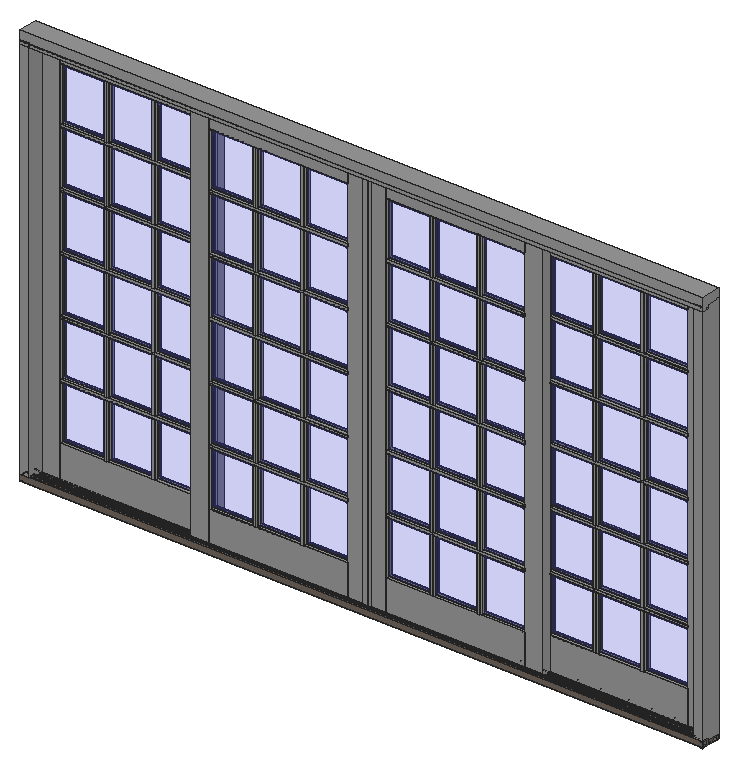
Revit family "VSDA3.6SPCO", category Doors, host Wall, Revit 2015 (continued)
Forms (mm)
  Extrusion 62, solid, material "Glass"
    sketch origin (1393.125, -64.05, -73.649) x (1, 0, 0) y (0, 0, 1)
      loop
        line (-5.292, 1438.649) -> (-238.458, 1438.649) -> (-238.458, 1154.649) -> (-5.292, 1154.649) -> (-5.292, 1438.649)
      loop
        line (-251.458, 1438.649) -> (-484.625, 1438.649) -> (-484.625, 1154.649) -> (-251.458, 1154.649) -> (-251.458, 1438.649)
      loop
        line (240.865, 1141.637) -> (7.708, 1141.637) -> (7.708, 857.649) -> (240.865, 857.649) -> (240.865, 1141.637)
      loop
        line (-5.292, 1141.649) -> (-238.458, 1141.649) -> (-238.458, 857.649) -> (-5.292, 857.649) -> (-5.292, 1141.649)
      loop
        line (-251.458, 1141.649) -> (-484.625, 1141.649) -> (-484.625, 857.649) -> (-251.458, 857.649) -> (-251.458, 1141.649)
      loop
        line (240.865, 844.637) -> (7.708, 844.637) -> (7.708, 560.649) -> (240.865, 560.649) -> (240.865, 844.637)
      loop
        line (-5.292, 844.649) -> (-238.458, 844.649) -> (-238.458, 560.649) -> (-5.292, 560.649) -> (-5.292, 844.649)
      loop
        line (-251.458, 844.649) -> (-484.625, 844.649) -> (-484.625, 560.649) -> (-251.458, 560.649) -> (-251.458, 844.649)
      loop
        line (240.865, 547.637) -> (7.708, 547.637) -> (7.708, 263.649) -> (240.865, 263.649) -> (240.865, 547.637)
      loop
        line (-5.292, 547.649) -> (-238.458, 547.649) -> (-238.458, 263.649) -> (-5.292, 263.649) -> (-5.292, 547.649)
      loop
        line (-251.458, 547.649) -> (-484.625, 547.649) -> (-484.625, 263.649) -> (-251.458, 263.649) -> (-251.458, 547.649)
    from -112.5 to -106.1
  Extrusion 63, solid, material "Lauan, Meranti"
    sketch origin (865, 0, 0) x (1, 0, 0) y (0, 1, 0)
      loop
        line (522.833, 31) -> (535.833, 31) -> (535.833, 33)
        arc (535.833, 33) -> (540.504, 34.634) -> (542.833, 39) r 6.807
        line (542.833, 39) -> (544.833, 39) -> (544.833, 41) -> (535.833, 41) -> (535.833, 71) -> (522.833, 71) -> (522.833, 41) -> (513.833, 41) -> (513.833, 39) -> (515.833, 39)
        arc (515.833, 39) -> (518.163, 34.634) -> (522.833, 33) r 6.807
        line (522.833, 33) -> (522.833, 31)
      loop
        line (289.667, 31) -> (289.667, 33)
        arc (289.667, 33) -> (294.337, 34.634) -> (296.667, 39) r 6.807
        line (296.667, 39) -> (298.667, 39) -> (298.667, 41) -> (289.667, 41) -> (289.667, 71) -> (276.667, 71) -> (276.667, 41) -> (267.667, 41) -> (267.667, 39) -> (269.667, 39)
        arc (269.667, 39) -> (271.996, 34.634) -> (276.667, 33) r 6.807
        line (276.667, 33) -> (276.667, 31) -> (289.667, 31)
    from 1675 to 1959
  Extrusion 64, solid, material "Lauan, Meranti"
    sketch origin (865, 0, -297) x (1, 0, 0) y (0, 1, 0)
      loop
        line (522.833, 31) -> (535.833, 31) -> (535.833, 33)
        arc (535.833, 33) -> (540.504, 34.634) -> (542.833, 39) r 6.807
        line (542.833, 39) -> (544.833, 39) -> (544.833, 41) -> (535.833, 41) -> (535.833, 71) -> (522.833, 71) -> (522.833, 41) -> (513.833, 41) -> (513.833, 39) -> (515.833, 39)
        arc (515.833, 39) -> (518.163, 34.634) -> (522.833, 33) r 6.807
        line (522.833, 33) -> (522.833, 31)
      loop
        line (289.667, 31) -> (289.667, 33)
        arc (289.667, 33) -> (294.337, 34.634) -> (296.667, 39) r 6.807
        line (296.667, 39) -> (298.667, 39) -> (298.667, 41) -> (289.667, 41) -> (289.667, 71) -> (276.667, 71) -> (276.667, 41) -> (267.667, 41) -> (267.667, 39) -> (269.667, 39)
        arc (269.667, 39) -> (271.996, 34.634) -> (276.667, 33) r 6.807
        line (276.667, 33) -> (276.667, 31) -> (289.667, 31)
    from 1675 to 1959
  Extrusion 65, solid, material "Lauan, Meranti"
    sketch origin (865, 0, -594) x (1, 0, 0) y (0, 1, 0)
      loop
        line (522.833, 31) -> (535.833, 31) -> (535.833, 33)
        arc (535.833, 33) -> (540.504, 34.634) -> (542.833, 39) r 6.807
        line (542.833, 39) -> (544.833, 39) -> (544.833, 41) -> (535.833, 41) -> (535.833, 71) -> (522.833, 71) -> (522.833, 41) -> (513.833, 41) -> (513.833, 39) -> (515.833, 39)
        arc (515.833, 39) -> (518.163, 34.634) -> (522.833, 33) r 6.807
        line (522.833, 33) -> (522.833, 31)
      loop
        line (289.667, 31) -> (289.667, 33)
        arc (289.667, 33) -> (294.337, 34.634) -> (296.667, 39) r 6.807
        line (296.667, 39) -> (298.667, 39) -> (298.667, 41) -> (289.667, 41) -> (289.667, 71) -> (276.667, 71) -> (276.667, 41) -> (267.667, 41) -> (267.667, 39) -> (269.667, 39)
        arc (269.667, 39) -> (271.996, 34.634) -> (276.667, 33) r 6.807
        line (276.667, 33) -> (276.667, 31) -> (289.667, 31)
    from 1675 to 1959
  Extrusion 66, solid, material "Lauan, Meranti"
    sketch origin (865, 0, -891) x (1, 0, 0) y (0, 1, 0)
      loop
        line (522.833, 31) -> (535.833, 31) -> (535.833, 33)
        arc (535.833, 33) -> (540.504, 34.634) -> (542.833, 39) r 6.807
        line (542.833, 39) -> (544.833, 39) -> (544.833, 41) -> (535.833, 41) -> (535.833, 71) -> (522.833, 71) -> (522.833, 41) -> (513.833, 41) -> (513.833, 39) -> (515.833, 39)
        arc (515.833, 39) -> (518.163, 34.634) -> (522.833, 33) r 6.807
        line (522.833, 33) -> (522.833, 31)
      loop
        line (289.667, 31) -> (289.667, 33)
        arc (289.667, 33) -> (294.337, 34.634) -> (296.667, 39) r 6.807
        line (296.667, 39) -> (298.667, 39) -> (298.667, 41) -> (289.667, 41) -> (289.667, 71) -> (276.667, 71) -> (276.667, 41) -> (267.667, 41) -> (267.667, 39) -> (269.667, 39)
        arc (269.667, 39) -> (271.996, 34.634) -> (276.667, 33) r 6.807
        line (276.667, 33) -> (276.667, 31) -> (289.667, 31)
    from 1675 to 1959
  Extrusion 67, solid, material "Lauan, Meranti"
    sketch origin (865, 0, -1188) x (1, 0, 0) y (0, 1, 0)
      loop
        line (522.833, 31) -> (535.833, 31) -> (535.833, 33)
        arc (535.833, 33) -> (540.504, 34.634) -> (542.833, 39) r 6.807
        line (542.833, 39) -> (544.833, 39) -> (544.833, 41) -> (535.833, 41) -> (535.833, 71) -> (522.833, 71) -> (522.833, 41) -> (513.833, 41) -> (513.833, 39) -> (515.833, 39)
        arc (515.833, 39) -> (518.163, 34.634) -> (522.833, 33) r 6.807
        line (522.833, 33) -> (522.833, 31)
      loop
        line (289.667, 31) -> (289.667, 33)
        arc (289.667, 33) -> (294.337, 34.634) -> (296.667, 39) r 6.807
        line (296.667, 39) -> (298.667, 39) -> (298.667, 41) -> (289.667, 41) -> (289.667, 71) -> (276.667, 71) -> (276.667, 41) -> (267.667, 41) -> (267.667, 39) -> (269.667, 39)
        arc (269.667, 39) -> (271.996, 34.634) -> (276.667, 33) r 6.807
        line (276.667, 33) -> (276.667, 31) -> (289.667, 31)
    from 1675 to 1959
  Extrusion 68, solid, material "Lauan, Meranti"
    sketch origin (865, 0, -1485) x (1, 0, 0) y (0, 1, 0)
      loop
        line (522.833, 31) -> (535.833, 31) -> (535.833, 33)
        arc (535.833, 33) -> (540.504, 34.634) -> (542.833, 39) r 6.807
        line (542.833, 39) -> (544.833, 39) -> (544.833, 41) -> (535.833, 41) -> (535.833, 71) -> (522.833, 71) -> (522.833, 41) -> (513.833, 41) -> (513.833, 39) -> (515.833, 39)
        arc (515.833, 39) -> (518.163, 34.634) -> (522.833, 33) r 6.807
        line (522.833, 33) -> (522.833, 31)
      loop
        line (289.667, 31) -> (289.667, 33)
        arc (289.667, 33) -> (294.337, 34.634) -> (296.667, 39) r 6.807
        line (296.667, 39) -> (298.667, 39) -> (298.667, 41) -> (289.667, 41) -> (289.667, 71) -> (276.667, 71) -> (276.667, 41) -> (267.667, 41) -> (267.667, 39) -> (269.667, 39)
        arc (269.667, 39) -> (271.996, 34.634) -> (276.667, 33) r 6.807
        line (276.667, 33) -> (276.667, 31) -> (289.667, 31)
    from 1675 to 1959
  Sweep 69, solid, material "Lauan, Meranti"
    path origin (874.439, -75, -781.763) x (1, 0, 0) y (0, 0, 1)
      loop
        line (280.228, 2740.763) -> (280.228, 2456.763) -> (513.395, 2456.763) -> (513.395, 2740.763) -> (280.228, 2740.763)
    profile origin (1271.25, -75, 1959) x (0, 0, 1) y (0, -1, 0)
      loop
        line (-9, -124.5) -> (-9, -126.5) -> (-7, -126.5)
        arc (-7, -126.5) -> (-4.67, -130.866) -> (0, -132.5) r 6.807
        line (0, -132.5) -> (0, -124.5) -> (-9, -124.5)
  Sweep 70, solid, material "Lauan, Meranti"
    path origin (628.272, -75, -781.763) x (1, 0, 0) y (0, 0, 1)
      loop
        line (280.228, 2740.763) -> (280.228, 2456.763) -> (513.395, 2456.763) -> (513.395, 2740.763) -> (280.228, 2740.763)
    profile origin (1025.083, -75, 1959) x (0, 0, 1) y (0, -1, 0)
      loop
        line (-9, -124.5) -> (-9, -126.5) -> (-7, -126.5)
        arc (-7, -126.5) -> (-4.67, -130.866) -> (0, -132.5) r 6.807
        line (0, -132.5) -> (0, -124.5) -> (-9, -124.5)
  Sweep 71, solid, material "Lauan, Meranti"
    path origin (1120.605, -75, -1078.763) x (1, 0, 0) y (0, 0, 1)
      loop
        line (280.228, 2740.763) -> (280.228, 2456.763) -> (513.395, 2456.763) -> (513.395, 2740.763) -> (280.228, 2740.763)
    profile origin (1517.417, -75, 1662) x (0, 0, 1) y (0, -1, 0)
      loop
        line (-9, -124.5) -> (-9, -126.5) -> (-7, -126.5)
        arc (-7, -126.5) -> (-4.67, -130.866) -> (0, -132.5) r 6.807
        line (0, -132.5) -> (0, -124.5) -> (-9, -124.5)
  Sweep 72, solid, material "Lauan, Meranti"
    path origin (874.439, -75, -1078.763) x (1, 0, 0) y (0, 0, 1)
      loop
        line (280.228, 2740.763) -> (280.228, 2456.763) -> (513.395, 2456.763) -> (513.395, 2740.763) -> (280.228, 2740.763)
    profile origin (1271.25, -75, 1662) x (0, 0, 1) y (0, -1, 0)
      loop
        line (-9, -124.5) -> (-9, -126.5) -> (-7, -126.5)
        arc (-7, -126.5) -> (-4.67, -130.866) -> (0, -132.5) r 6.807
        line (0, -132.5) -> (0, -124.5) -> (-9, -124.5)
  Sweep 73, solid, material "Lauan, Meranti"
    path origin (628.272, -75, -1078.763) x (1, 0, 0) y (0, 0, 1)
      loop
        line (280.228, 2740.763) -> (280.228, 2456.763) -> (513.395, 2456.763) -> (513.395, 2740.763) -> (280.228, 2740.763)
    profile origin (1025.083, -75, 1662) x (0, 0, 1) y (0, -1, 0)
      loop
        line (-9, -124.5) -> (-9, -126.5) -> (-7, -126.5)
        arc (-7, -126.5) -> (-4.67, -130.866) -> (0, -132.5) r 6.807
        line (0, -132.5) -> (0, -124.5) -> (-9, -124.5)
  Sweep 74, solid, material "Lauan, Meranti"
    path origin (1120.605, -75, -1375.763) x (1, 0, 0) y (0, 0, 1)
      loop
        line (280.228, 2740.763) -> (280.228, 2456.763) -> (513.395, 2456.763) -> (513.395, 2740.763) -> (280.228, 2740.763)
    profile origin (1517.417, -75, 1365) x (0, 0, 1) y (0, -1, 0)
      loop
        line (-9, -124.5) -> (-9, -126.5) -> (-7, -126.5)
        arc (-7, -126.5) -> (-4.67, -130.866) -> (0, -132.5) r 6.807
        line (0, -132.5) -> (0, -124.5) -> (-9, -124.5)
  Sweep 75, solid, material "Lauan, Meranti"
    path origin (874.439, -75, -1375.763) x (1, 0, 0) y (0, 0, 1)
      loop
        line (280.228, 2740.763) -> (280.228, 2456.763) -> (513.395, 2456.763) -> (513.395, 2740.763) -> (280.228, 2740.763)
    profile origin (1271.25, -75, 1365) x (0, 0, 1) y (0, -1, 0)
      loop
        line (-9, -124.5) -> (-9, -126.5) -> (-7, -126.5)
        arc (-7, -126.5) -> (-4.67, -130.866) -> (0, -132.5) r 6.807
        line (0, -132.5) -> (0, -124.5) -> (-9, -124.5)
  Sweep 76, solid, material "Lauan, Meranti"
    path origin (628.272, -75, -1375.763) x (1, 0, 0) y (0, 0, 1)
      loop
        line (280.228, 2740.763) -> (280.228, 2456.763) -> (513.395, 2456.763) -> (513.395, 2740.763) -> (280.228, 2740.763)
    profile origin (1025.083, -75, 1365) x (0, 0, 1) y (0, -1, 0)
      loop
        line (-9, -124.5) -> (-9, -126.5) -> (-7, -126.5)
        arc (-7, -126.5) -> (-4.67, -130.866) -> (0, -132.5) r 6.807
        line (0, -132.5) -> (0, -124.5) -> (-9, -124.5)
  Sweep 77, solid, material "Lauan, Meranti"
    path origin (1120.605, -75, -1672.763) x (1, 0, 0) y (0, 0, 1)
      loop
        line (280.228, 2740.763) -> (280.228, 2456.763) -> (513.395, 2456.763) -> (513.395, 2740.763) -> (280.228, 2740.763)
    profile origin (1517.417, -75, 1068) x (0, 0, 1) y (0, -1, 0)
      loop
        line (-9, -124.5) -> (-9, -126.5) -> (-7, -126.5)
        arc (-7, -126.5) -> (-4.67, -130.866) -> (0, -132.5) r 6.807
        line (0, -132.5) -> (0, -124.5) -> (-9, -124.5)
  Sweep 78, solid, material "Lauan, Meranti"
    path origin (874.439, -75, -1672.763) x (1, 0, 0) y (0, 0, 1)
      loop
        line (280.228, 2740.763) -> (280.228, 2456.763) -> (513.395, 2456.763) -> (513.395, 2740.763) -> (280.228, 2740.763)
    profile origin (1271.25, -75, 1068) x (0, 0, 1) y (0, -1, 0)
      loop
        line (-9, -124.5) -> (-9, -126.5) -> (-7, -126.5)
        arc (-7, -126.5) -> (-4.67, -130.866) -> (0, -132.5) r 6.807
        line (0, -132.5) -> (0, -124.5) -> (-9, -124.5)
  Sweep 79, solid, material "Lauan, Meranti"
    path origin (628.272, -75, -1672.763) x (1, 0, 0) y (0, 0, 1)
      loop
        line (280.228, 2740.763) -> (280.228, 2456.763) -> (513.395, 2456.763) -> (513.395, 2740.763) -> (280.228, 2740.763)
    profile origin (1025.083, -75, 1068) x (0, 0, 1) y (0, -1, 0)
      loop
        line (-9, -124.5) -> (-9, -126.5) -> (-7, -126.5)
        arc (-7, -126.5) -> (-4.67, -130.866) -> (0, -132.5) r 6.807
        line (0, -132.5) -> (0, -124.5) -> (-9, -124.5)
  Sweep 80, solid, material "Lauan, Meranti"
    path origin (1120.605, -75, -1969.763) x (1, 0, 0) y (0, 0, 1)
      loop
        line (280.228, 2740.763) -> (280.228, 2456.763) -> (513.395, 2456.763) -> (513.395, 2740.763) -> (280.228, 2740.763)
    profile origin (1517.417, -75, 771) x (0, 0, 1) y (0, -1, 0)
      loop
        line (-9, -124.5) -> (-9, -126.5) -> (-7, -126.5)
        arc (-7, -126.5) -> (-4.67, -130.866) -> (0, -132.5) r 6.807
        line (0, -132.5) -> (0, -124.5) -> (-9, -124.5)
  Sweep 81, solid, material "Lauan, Meranti"
    path origin (874.439, -75, -1969.763) x (1, 0, 0) y (0, 0, 1)
      loop
        line (280.228, 2740.763) -> (280.228, 2456.763) -> (513.395, 2456.763) -> (513.395, 2740.763) -> (280.228, 2740.763)
    profile origin (1271.25, -75, 771) x (0, 0, 1) y (0, -1, 0)
      loop
        line (-9, -124.5) -> (-9, -126.5) -> (-7, -126.5)
        arc (-7, -126.5) -> (-4.67, -130.866) -> (0, -132.5) r 6.807
        line (0, -132.5) -> (0, -124.5) -> (-9, -124.5)
  Sweep 82, solid, material "Lauan, Meranti"
    path origin (628.272, -75, -1969.763) x (1, 0, 0) y (0, 0, 1)
      loop
        line (280.228, 2740.763) -> (280.228, 2456.763) -> (513.395, 2456.763) -> (513.395, 2740.763) -> (280.228, 2740.763)
    profile origin (1025.083, -75, 771) x (0, 0, 1) y (0, -1, 0)
      loop
        line (-9, -124.5) -> (-9, -126.5) -> (-7, -126.5)
        arc (-7, -126.5) -> (-4.67, -130.866) -> (0, -132.5) r 6.807
        line (0, -132.5) -> (0, -124.5) -> (-9, -124.5)
  Sweep 83, solid, material "Lauan, Meranti"
    path origin (1120.605, -75, -2266.763) x (1, 0, 0) y (0, 0, 1)
      loop
        line (280.228, 2740.763) -> (280.228, 2456.763) -> (513.395, 2456.763) -> (513.395, 2740.763) -> (280.228, 2740.763)
    profile origin (1517.417, -75, 474) x (0, 0, 1) y (0, -1, 0)
      loop
        line (-9, -124.5) -> (-9, -126.5) -> (-7, -126.5)
        arc (-7, -126.5) -> (-4.67, -130.866) -> (0, -132.5) r 6.807
        line (0, -132.5) -> (0, -124.5) -> (-9, -124.5)
  Sweep 84, solid, material "Lauan, Meranti"
    path origin (874.439, -75, -2266.763) x (1, 0, 0) y (0, 0, 1)
      loop
        line (280.228, 2740.763) -> (280.228, 2456.763) -> (513.395, 2456.763) -> (513.395, 2740.763) -> (280.228, 2740.763)
    profile origin (1271.25, -75, 474) x (0, 0, 1) y (0, -1, 0)
      loop
        line (-9, -124.5) -> (-9, -126.5) -> (-7, -126.5)
        arc (-7, -126.5) -> (-4.67, -130.866) -> (0, -132.5) r 6.807
        line (0, -132.5) -> (0, -124.5) -> (-9, -124.5)
  Sweep 85, solid, material "Lauan, Meranti"
    path origin (628.272, -75, -2266.763) x (1, 0, 0) y (0, 0, 1)
      loop
        line (280.228, 2740.763) -> (280.228, 2456.763) -> (513.395, 2456.763) -> (513.395, 2740.763) -> (280.228, 2740.763)
    profile origin (1025.083, -75, 474) x (0, 0, 1) y (0, -1, 0)
      loop
        line (-9, -124.5) -> (-9, -126.5) -> (-7, -126.5)
        arc (-7, -126.5) -> (-4.67, -130.866) -> (0, -132.5) r 6.807
        line (0, -132.5) -> (0, -124.5) -> (-9, -124.5)
  Extrusion 86, solid, material "Lauan, Meranti"
    sketch origin (867, 0, 0) x (0, 1, 0) y (0, 0, 1)
      loop
        line (-15.5, 190) -> (-15.5, 19) -> (24.5, 19) -> (24.5, 190) -> (-5.5, 190) -> (-5.5, 199) -> (-7.5, 199) -> (-7.5, 197)
        arc (-7.5, 197) -> (-11.866, 194.67) -> (-13.5, 190) r 6.807
        line (-13.5, 190) -> (-15.5, 190)
      loop
        line (-7.5, 1952) -> (-7.5, 1950) -> (-5.5, 1950) -> (-5.5, 1959) -> (24.5, 1959) -> (24.5, 2055) -> (-15.5, 2055) -> (-15.5, 1959) -> (-13.5, 1959)
        arc (-13.5, 1959) -> (-11.866, 1954.33) -> (-7.5, 1952) r 6.807
      loop
        line (-15.5, 1675) -> (-15.5, 1662) -> (-13.5, 1662)
        arc (-13.5, 1662) -> (-11.866, 1657.33) -> (-7.5, 1655) r 6.807
        line (-7.5, 1655) -> (-7.5, 1653) -> (-5.5, 1653) -> (-5.5, 1662) -> (24.5, 1662) -> (24.5, 1675) -> (-5.5, 1675) -> (-5.5, 1684) -> (-7.5, 1684) -> (-7.5, 1682)
        arc (-7.5, 1682) -> (-11.866, 1679.67) -> (-13.5, 1675) r 6.807
        line (-13.5, 1675) -> (-15.5, 1675)
      loop
        line (-15.5, 1378) -> (-15.5, 1365) -> (-13.5, 1365)
        arc (-13.5, 1365) -> (-11.866, 1360.33) -> (-7.5, 1358) r 6.807
        line (-7.5, 1358) -> (-7.5, 1356) -> (-5.5, 1356) -> (-5.5, 1365) -> (24.5, 1365) -> (24.5, 1378) -> (-5.5, 1378) -> (-5.5, 1387) -> (-7.5, 1387) -> (-7.5, 1385)
        arc (-7.5, 1385) -> (-11.866, 1382.67) -> (-13.5, 1378) r 6.807
        line (-13.5, 1378) -> (-15.5, 1378)
      loop
        line (-15.5, 1081) -> (-15.5, 1068) -> (-13.5, 1068)
        arc (-13.5, 1068) -> (-11.866, 1063.33) -> (-7.5, 1061) r 6.807
        line (-7.5, 1061) -> (-7.5, 1059) -> (-5.5, 1059) -> (-5.5, 1068) -> (24.5, 1068) -> (24.5, 1081) -> (-5.5, 1081) -> (-5.5, 1090) -> (-7.5, 1090) -> (-7.5, 1088)
        arc (-7.5, 1088) -> (-11.866, 1085.67) -> (-13.5, 1081) r 6.807
        line (-13.5, 1081) -> (-15.5, 1081)
      loop
        line (-15.5, 784) -> (-15.5, 771) -> (-13.5, 771)
        arc (-13.5, 771) -> (-11.866, 766.33) -> (-7.5, 764) r 6.807
        line (-7.5, 764) -> (-7.5, 762) -> (-5.5, 762) -> (-5.5, 771) -> (24.5, 771) -> (24.5, 784) -> (-5.5, 784) -> (-5.5, 793) -> (-7.5, 793) -> (-7.5, 791)
        arc (-7.5, 791) -> (-11.866, 788.67) -> (-13.5, 784) r 6.807
        line (-13.5, 784) -> (-15.5, 784)
      loop
        line (-15.5, 487) -> (-15.5, 474) -> (-13.5, 474)
        arc (-13.5, 474) -> (-11.866, 469.33) -> (-7.5, 467) r 6.807
        line (-7.5, 467) -> (-7.5, 465) -> (-5.5, 465) -> (-5.5, 474) -> (24.5, 474) -> (24.5, 487) -> (-5.5, 487) -> (-5.5, 496) -> (-7.5, 496) -> (-7.5, 494)
        arc (-7.5, 494) -> (-11.866, 491.67) -> (-13.5, 487) r 6.807
        line (-13.5, 487) -> (-15.5, 487)
    from -769 to -45.5
  Extrusion 87, solid, material "Glass"
    sketch origin (582.625, -110.55, -73.649) x (1, 0, 0) y (0, 0, 1)
      loop
        line (-484.625, 2032.649) -> (-484.625, 1748.649) -> (-252.125, 1748.649) -> (-252.125, 2032.649) -> (-484.625, 2032.649)
      loop
        line (-484.625, 1735.649) -> (-484.625, 1451.649) -> (-252.125, 1451.649) -> (-252.125, 1735.649) -> (-484.625, 1735.649)
      loop
        line (-484.625, 1438.649) -> (-484.625, 1154.649) -> (-252.125, 1154.649) -> (-252.125, 1438.649) -> (-484.625, 1438.649)
      loop
        line (-484.625, 1141.649) -> (-484.625, 857.649) -> (-252.125, 857.649) -> (-252.125, 1141.649) -> (-484.625, 1141.649)
      loop
        line (-484.625, 844.649) -> (-484.625, 560.649) -> (-252.125, 560.649) -> (-252.125, 844.649) -> (-484.625, 844.649)
      loop
        line (-484.625, 547.649) -> (-484.625, 263.66) -> (-252.135, 263.66) -> (-252.135, 547.649) -> (-484.625, 547.649)
      loop
        line (-239.125, 2032.649) -> (-239.125, 1748.649) -> (-6.625, 1748.649) -> (-6.625, 2032.649) -> (-239.125, 2032.649)
      loop
        line (-239.125, 1735.649) -> (-239.125, 1451.649) -> (-6.625, 1451.649) -> (-6.625, 1735.649) -> (-239.125, 1735.649)
      loop
        line (-239.125, 1438.649) -> (-239.125, 1154.649) -> (-6.625, 1154.649) -> (-6.625, 1438.649) -> (-239.125, 1438.649)
      loop
        line (-239.125, 1141.649) -> (-239.125, 857.649) -> (-6.625, 857.649) -> (-6.625, 1141.649) -> (-239.125, 1141.649)
      loop
        line (-239.125, 844.649) -> (-239.125, 560.649) -> (-6.625, 560.649) -> (-6.625, 844.649) -> (-239.125, 844.649)
      loop
        line (-239.125, 547.649) -> (-239.125, 263.66) -> (-6.635, 263.66) -> (-6.635, 547.649) -> (-239.125, 547.649)
      loop
        line (6.375, 2032.649) -> (6.375, 1748.649) -> (238.875, 1748.649) -> (238.875, 2032.649) -> (6.375, 2032.649)
      loop
        line (6.375, 1735.649) -> (6.375, 1451.649) -> (238.875, 1451.649) -> (238.875, 1735.649) -> (6.375, 1735.649)
      loop
        line (6.375, 1438.649) -> (6.375, 1154.649) -> (238.875, 1154.649) -> (238.875, 1438.649) -> (6.375, 1438.649)
      loop
        line (6.375, 1141.649) -> (6.375, 857.649) -> (238.875, 857.649) -> (238.875, 1141.649) -> (6.375, 1141.649)
      loop
        line (6.375, 844.649) -> (6.375, 560.649) -> (238.875, 560.649) -> (238.875, 844.649) -> (6.375, 844.649)
      loop
        line (6.375, 547.649) -> (6.375, 263.66) -> (238.865, 263.66) -> (238.865, 547.649) -> (6.375, 547.649)
    from -112.5 to -106.1
  Extrusion 88, solid, material "Lauan, Meranti"
    sketch origin (54.5, -46.5, 0) x (1, 0, 0) y (0, 1, 0)
      loop
        line (289, 31) -> (289, 33)
        arc (289, 33) -> (293.67, 34.634) -> (296, 39) r 6.807
        line (296, 39) -> (298, 39) -> (298, 41) -> (289, 41) -> (289, 71) -> (276, 71) -> (276, 41) -> (267, 41) -> (267, 39) -> (269, 39)
        arc (269, 39) -> (271.33, 34.634) -> (276, 33) r 6.807
        line (276, 33) -> (276, 31) -> (289, 31)
      loop
        line (534.5, 31) -> (534.5, 33)
        arc (534.5, 33) -> (539.17, 34.634) -> (541.5, 39) r 6.807
        line (541.5, 39) -> (543.5, 39) -> (543.5, 41) -> (534.5, 41) -> (534.5, 71) -> (521.5, 71) -> (521.5, 41) -> (512.5, 41) -> (512.5, 39) -> (514.5, 39)
        arc (514.5, 39) -> (516.83, 34.634) -> (521.5, 33) r 6.807
        line (521.5, 33) -> (521.5, 31) -> (534.5, 31)
    from 1675 to 1959
  Sweep 89, solid, material "Lauan, Meranti"
    path origin (-182.228, -121.5, -781.763) x (1, 0, 0) y (0, 0, 1)
      loop
        line (280.228, 2740.763) -> (280.228, 2456.763) -> (512.728, 2456.763) -> (512.728, 2740.763) -> (280.228, 2740.763)
    profile origin (214.25, -121.5, 1959) x (0, 0, 1) y (0, -1, 0)
      loop
        line (-9, -124.5) -> (-9, -126.5) -> (-7, -126.5)
        arc (-7, -126.5) -> (-4.67, -130.866) -> (0, -132.5) r 6.807
        line (0, -132.5) -> (0, -124.5) -> (-9, -124.5)
  Sweep 90, solid, material "Lauan, Meranti"
    path origin (63.272, -121.5, -781.763) x (1, 0, 0) y (0, 0, 1)
      loop
        line (280.228, 2740.763) -> (280.228, 2456.763) -> (512.728, 2456.763) -> (512.728, 2740.763) -> (280.228, 2740.763)
    profile origin (459.75, -121.5, 1959) x (0, 0, 1) y (0, -1, 0)
      loop
        line (-9, -124.5) -> (-9, -126.5) -> (-7, -126.5)
        arc (-7, -126.5) -> (-4.67, -130.866) -> (0, -132.5) r 6.807
        line (0, -132.5) -> (0, -124.5) -> (-9, -124.5)
  Sweep 91, solid, material "Lauan, Meranti"
    path origin (308.772, -121.5, -781.763) x (1, 0, 0) y (0, 0, 1)
      loop
        line (280.228, 2740.763) -> (280.228, 2456.763) -> (512.728, 2456.763) -> (512.728, 2740.763) -> (280.228, 2740.763)
    profile origin (705.25, -121.5, 1959) x (0, 0, 1) y (0, -1, 0)
      loop
        line (-9, -124.5) -> (-9, -126.5) -> (-7, -126.5)
        arc (-7, -126.5) -> (-4.67, -130.866) -> (0, -132.5) r 6.807
        line (0, -132.5) -> (0, -124.5) -> (-9, -124.5)
  Extrusion 92, solid, material "Lauan, Meranti"
    sketch origin (54.5, -46.5, -297) x (1, 0, 0) y (0, 1, 0)
      loop
        line (289, 31) -> (289, 33)
        arc (289, 33) -> (293.67, 34.634) -> (296, 39) r 6.807
        line (296, 39) -> (298, 39) -> (298, 41) -> (289, 41) -> (289, 71) -> (276, 71) -> (276, 41) -> (267, 41) -> (267, 39) -> (269, 39)
        arc (269, 39) -> (271.33, 34.634) -> (276, 33) r 6.807
        line (276, 33) -> (276, 31) -> (289, 31)
      loop
        line (534.5, 31) -> (534.5, 33)
        arc (534.5, 33) -> (539.17, 34.634) -> (541.5, 39) r 6.807
        line (541.5, 39) -> (543.5, 39) -> (543.5, 41) -> (534.5, 41) -> (534.5, 71) -> (521.5, 71) -> (521.5, 41) -> (512.5, 41) -> (512.5, 39) -> (514.5, 39)
        arc (514.5, 39) -> (516.83, 34.634) -> (521.5, 33) r 6.807
        line (521.5, 33) -> (521.5, 31) -> (534.5, 31)
    from 1675 to 1959
  Sweep 93, solid, material "Lauan, Meranti"
    path origin (-182.228, -121.5, -1078.763) x (1, 0, 0) y (0, 0, 1)
      loop
        line (280.228, 2740.763) -> (280.228, 2456.763) -> (512.728, 2456.763) -> (512.728, 2740.763) -> (280.228, 2740.763)
    profile origin (214.25, -121.5, 1662) x (0, 0, 1) y (0, -1, 0)
      loop
        line (-9, -124.5) -> (-9, -126.5) -> (-7, -126.5)
        arc (-7, -126.5) -> (-4.67, -130.866) -> (0, -132.5) r 6.807
        line (0, -132.5) -> (0, -124.5) -> (-9, -124.5)
  Sweep 94, solid, material "Lauan, Meranti"
    path origin (63.272, -121.5, -1078.763) x (1, 0, 0) y (0, 0, 1)
      loop
        line (280.228, 2740.763) -> (280.228, 2456.763) -> (512.728, 2456.763) -> (512.728, 2740.763) -> (280.228, 2740.763)
    profile origin (459.75, -121.5, 1662) x (0, 0, 1) y (0, -1, 0)
      loop
        line (-9, -124.5) -> (-9, -126.5) -> (-7, -126.5)
        arc (-7, -126.5) -> (-4.67, -130.866) -> (0, -132.5) r 6.807
        line (0, -132.5) -> (0, -124.5) -> (-9, -124.5)
  Sweep 95, solid, material "Lauan, Meranti"
    path origin (308.772, -121.5, -1078.763) x (1, 0, 0) y (0, 0, 1)
      loop
        line (280.228, 2740.763) -> (280.228, 2456.763) -> (512.728, 2456.763) -> (512.728, 2740.763) -> (280.228, 2740.763)
    profile origin (705.25, -121.5, 1662) x (0, 0, 1) y (0, -1, 0)
      loop
        line (-9, -124.5) -> (-9, -126.5) -> (-7, -126.5)
        arc (-7, -126.5) -> (-4.67, -130.866) -> (0, -132.5) r 6.807
        line (0, -132.5) -> (0, -124.5) -> (-9, -124.5)
  Extrusion 96, solid, material "Lauan, Meranti"
    sketch origin (54.5, -46.5, -594) x (1, 0, 0) y (0, 1, 0)
      loop
        line (289, 31) -> (289, 33)
        arc (289, 33) -> (293.67, 34.634) -> (296, 39) r 6.807
        line (296, 39) -> (298, 39) -> (298, 41) -> (289, 41) -> (289, 71) -> (276, 71) -> (276, 41) -> (267, 41) -> (267, 39) -> (269, 39)
        arc (269, 39) -> (271.33, 34.634) -> (276, 33) r 6.807
        line (276, 33) -> (276, 31) -> (289, 31)
      loop
        line (534.5, 31) -> (534.5, 33)
        arc (534.5, 33) -> (539.17, 34.634) -> (541.5, 39) r 6.807
        line (541.5, 39) -> (543.5, 39) -> (543.5, 41) -> (534.5, 41) -> (534.5, 71) -> (521.5, 71) -> (521.5, 41) -> (512.5, 41) -> (512.5, 39) -> (514.5, 39)
        arc (514.5, 39) -> (516.83, 34.634) -> (521.5, 33) r 6.807
        line (521.5, 33) -> (521.5, 31) -> (534.5, 31)
    from 1675 to 1959
  Sweep 97, solid, material "Lauan, Meranti"
    path origin (-182.228, -121.5, -1375.763) x (1, 0, 0) y (0, 0, 1)
      loop
        line (280.228, 2740.763) -> (280.228, 2456.763) -> (512.728, 2456.763) -> (512.728, 2740.763) -> (280.228, 2740.763)
    profile origin (214.25, -121.5, 1365) x (0, 0, 1) y (0, -1, 0)
      loop
        line (-9, -124.5) -> (-9, -126.5) -> (-7, -126.5)
        arc (-7, -126.5) -> (-4.67, -130.866) -> (0, -132.5) r 6.807
        line (0, -132.5) -> (0, -124.5) -> (-9, -124.5)
  Sweep 98, solid, material "Lauan, Meranti"
    path origin (63.272, -121.5, -1375.763) x (1, 0, 0) y (0, 0, 1)
      loop
        line (280.228, 2740.763) -> (280.228, 2456.763) -> (512.728, 2456.763) -> (512.728, 2740.763) -> (280.228, 2740.763)
    profile origin (459.75, -121.5, 1365) x (0, 0, 1) y (0, -1, 0)
      loop
        line (-9, -124.5) -> (-9, -126.5) -> (-7, -126.5)
        arc (-7, -126.5) -> (-4.67, -130.866) -> (0, -132.5) r 6.807
        line (0, -132.5) -> (0, -124.5) -> (-9, -124.5)
  Sweep 99, solid, material "Lauan, Meranti"
    path origin (308.772, -121.5, -1375.763) x (1, 0, 0) y (0, 0, 1)
      loop
        line (280.228, 2740.763) -> (280.228, 2456.763) -> (512.728, 2456.763) -> (512.728, 2740.763) -> (280.228, 2740.763)
    profile origin (705.25, -121.5, 1365) x (0, 0, 1) y (0, -1, 0)
      loop
        line (-9, -124.5) -> (-9, -126.5) -> (-7, -126.5)
        arc (-7, -126.5) -> (-4.67, -130.866) -> (0, -132.5) r 6.807
        line (0, -132.5) -> (0, -124.5) -> (-9, -124.5)
  Extrusion 100, solid, material "Lauan, Meranti"
    sketch origin (54.5, -46.5, -891) x (1, 0, 0) y (0, 1, 0)
      loop
        line (289, 31) -> (289, 33)
        arc (289, 33) -> (293.67, 34.634) -> (296, 39) r 6.807
        line (296, 39) -> (298, 39) -> (298, 41) -> (289, 41) -> (289, 71) -> (276, 71) -> (276, 41) -> (267, 41) -> (267, 39) -> (269, 39)
        arc (269, 39) -> (271.33, 34.634) -> (276, 33) r 6.807
        line (276, 33) -> (276, 31) -> (289, 31)
      loop
        line (534.5, 31) -> (534.5, 33)
        arc (534.5, 33) -> (539.17, 34.634) -> (541.5, 39) r 6.807
        line (541.5, 39) -> (543.5, 39) -> (543.5, 41) -> (534.5, 41) -> (534.5, 71) -> (521.5, 71) -> (521.5, 41) -> (512.5, 41) -> (512.5, 39) -> (514.5, 39)
        arc (514.5, 39) -> (516.83, 34.634) -> (521.5, 33) r 6.807
        line (521.5, 33) -> (521.5, 31) -> (534.5, 31)
    from 1675 to 1959
  Sweep 101, solid, material "Lauan, Meranti"
    path origin (-182.228, -121.5, -1672.763) x (1, 0, 0) y (0, 0, 1)
      loop
        line (280.228, 2740.763) -> (280.228, 2456.763) -> (512.728, 2456.763) -> (512.728, 2740.763) -> (280.228, 2740.763)
    profile origin (214.25, -121.5, 1068) x (0, 0, 1) y (0, -1, 0)
      loop
        line (-9, -124.5) -> (-9, -126.5) -> (-7, -126.5)
        arc (-7, -126.5) -> (-4.67, -130.866) -> (0, -132.5) r 6.807
        line (0, -132.5) -> (0, -124.5) -> (-9, -124.5)
  Sweep 102, solid, material "Lauan, Meranti"
    path origin (63.272, -121.5, -1672.763) x (1, 0, 0) y (0, 0, 1)
      loop
        line (280.228, 2740.763) -> (280.228, 2456.763) -> (512.728, 2456.763) -> (512.728, 2740.763) -> (280.228, 2740.763)
    profile origin (459.75, -121.5, 1068) x (0, 0, 1) y (0, -1, 0)
      loop
        line (-9, -124.5) -> (-9, -126.5) -> (-7, -126.5)
        arc (-7, -126.5) -> (-4.67, -130.866) -> (0, -132.5) r 6.807
        line (0, -132.5) -> (0, -124.5) -> (-9, -124.5)
  Sweep 103, solid, material "Lauan, Meranti"
    path origin (308.772, -121.5, -1672.763) x (1, 0, 0) y (0, 0, 1)
      loop
        line (280.228, 2740.763) -> (280.228, 2456.763) -> (512.728, 2456.763) -> (512.728, 2740.763) -> (280.228, 2740.763)
    profile origin (705.25, -121.5, 1068) x (0, 0, 1) y (0, -1, 0)
      loop
        line (-9, -124.5) -> (-9, -126.5) -> (-7, -126.5)
        arc (-7, -126.5) -> (-4.67, -130.866) -> (0, -132.5) r 6.807
        line (0, -132.5) -> (0, -124.5) -> (-9, -124.5)
  Extrusion 104, solid, material "Lauan, Meranti"
    sketch origin (54.5, -46.5, -1188) x (1, 0, 0) y (0, 1, 0)
      loop
        line (289, 31) -> (289, 33)
        arc (289, 33) -> (293.67, 34.634) -> (296, 39) r 6.807
        line (296, 39) -> (298, 39) -> (298, 41) -> (289, 41) -> (289, 71) -> (276, 71) -> (276, 41) -> (267, 41) -> (267, 39) -> (269, 39)
        arc (269, 39) -> (271.33, 34.634) -> (276, 33) r 6.807
        line (276, 33) -> (276, 31) -> (289, 31)
      loop
        line (534.5, 31) -> (534.5, 33)
        arc (534.5, 33) -> (539.17, 34.634) -> (541.5, 39) r 6.807
        line (541.5, 39) -> (543.5, 39) -> (543.5, 41) -> (534.5, 41) -> (534.5, 71) -> (521.5, 71) -> (521.5, 41) -> (512.5, 41) -> (512.5, 39) -> (514.5, 39)
        arc (514.5, 39) -> (516.83, 34.634) -> (521.5, 33) r 6.807
        line (521.5, 33) -> (521.5, 31) -> (534.5, 31)
    from 1675 to 1959
  Sweep 105, solid, material "Lauan, Meranti"
    path origin (-182.228, -121.5, -1969.763) x (1, 0, 0) y (0, 0, 1)
      loop
        line (280.228, 2740.763) -> (280.228, 2456.763) -> (512.728, 2456.763) -> (512.728, 2740.763) -> (280.228, 2740.763)
    profile origin (214.25, -121.5, 771) x (0, 0, 1) y (0, -1, 0)
      loop
        line (-9, -124.5) -> (-9, -126.5) -> (-7, -126.5)
        arc (-7, -126.5) -> (-4.67, -130.866) -> (0, -132.5) r 6.807
        line (0, -132.5) -> (0, -124.5) -> (-9, -124.5)
  Sweep 106, solid, material "Lauan, Meranti"
    path origin (63.272, -121.5, -1969.763) x (1, 0, 0) y (0, 0, 1)
      loop
        line (280.228, 2740.763) -> (280.228, 2456.763) -> (512.728, 2456.763) -> (512.728, 2740.763) -> (280.228, 2740.763)
    profile origin (459.75, -121.5, 771) x (0, 0, 1) y (0, -1, 0)
      loop
        line (-9, -124.5) -> (-9, -126.5) -> (-7, -126.5)
        arc (-7, -126.5) -> (-4.67, -130.866) -> (0, -132.5) r 6.807
        line (0, -132.5) -> (0, -124.5) -> (-9, -124.5)
  Sweep 107, solid, material "Lauan, Meranti"
    path origin (308.772, -121.5, -1969.763) x (1, 0, 0) y (0, 0, 1)
      loop
        line (280.228, 2740.763) -> (280.228, 2456.763) -> (512.728, 2456.763) -> (512.728, 2740.763) -> (280.228, 2740.763)
    profile origin (705.25, -121.5, 771) x (0, 0, 1) y (0, -1, 0)
      loop
        line (-9, -124.5) -> (-9, -126.5) -> (-7, -126.5)
        arc (-7, -126.5) -> (-4.67, -130.866) -> (0, -132.5) r 6.807
        line (0, -132.5) -> (0, -124.5) -> (-9, -124.5)
  Extrusion 108, solid, material "Lauan, Meranti"
    sketch origin (54.5, -46.5, -1485) x (1, 0, 0) y (0, 1, 0)
      loop
        line (289, 31) -> (289, 33)
        arc (289, 33) -> (293.67, 34.634) -> (296, 39) r 6.807
        line (296, 39) -> (298, 39) -> (298, 41) -> (289, 41) -> (289, 71) -> (276, 71) -> (276, 41) -> (267, 41) -> (267, 39) -> (269, 39)
        arc (269, 39) -> (271.33, 34.634) -> (276, 33) r 6.807
        line (276, 33) -> (276, 31) -> (289, 31)
      loop
        line (534.5, 31) -> (534.5, 33)
        arc (534.5, 33) -> (539.17, 34.634) -> (541.5, 39) r 6.807
        line (541.5, 39) -> (543.5, 39) -> (543.5, 41) -> (534.5, 41) -> (534.5, 71) -> (521.5, 71) -> (521.5, 41) -> (512.5, 41) -> (512.5, 39) -> (514.5, 39)
        arc (514.5, 39) -> (516.83, 34.634) -> (521.5, 33) r 6.807
        line (521.5, 33) -> (521.5, 31) -> (534.5, 31)
    from 1675 to 1959
  Sweep 109, solid, material "Lauan, Meranti"
    path origin (-182.228, -121.5, -2266.763) x (1, 0, 0) y (0, 0, 1)
      loop
        line (280.228, 2740.763) -> (280.228, 2456.763) -> (512.728, 2456.763) -> (512.728, 2740.763) -> (280.228, 2740.763)
    profile origin (214.25, -121.5, 474) x (0, 0, 1) y (0, -1, 0)
      loop
        line (-9, -124.5) -> (-9, -126.5) -> (-7, -126.5)
        arc (-7, -126.5) -> (-4.67, -130.866) -> (0, -132.5) r 6.807
        line (0, -132.5) -> (0, -124.5) -> (-9, -124.5)
  Sweep 110, solid, material "Lauan, Meranti"
    path origin (63.272, -121.5, -2266.763) x (1, 0, 0) y (0, 0, 1)
      loop
        line (280.228, 2740.763) -> (280.228, 2456.763) -> (512.728, 2456.763) -> (512.728, 2740.763) -> (280.228, 2740.763)
    profile origin (459.75, -121.5, 474) x (0, 0, 1) y (0, -1, 0)
      loop
        line (-9, -124.5) -> (-9, -126.5) -> (-7, -126.5)
        arc (-7, -126.5) -> (-4.67, -130.866) -> (0, -132.5) r 6.807
        line (0, -132.5) -> (0, -124.5) -> (-9, -124.5)
  Sweep 111, solid, material "Lauan, Meranti"
    path origin (308.772, -121.5, -2266.763) x (1, 0, 0) y (0, 0, 1)
      loop
        line (280.228, 2740.763) -> (280.228, 2456.763) -> (512.728, 2456.763) -> (512.728, 2740.763) -> (280.228, 2740.763)
    profile origin (705.25, -121.5, 474) x (0, 0, 1) y (0, -1, 0)
      loop
        line (-9, -124.5) -> (-9, -126.5) -> (-7, -126.5)
        arc (-7, -126.5) -> (-4.67, -130.866) -> (0, -132.5) r 6.807
        line (0, -132.5) -> (0, -124.5) -> (-9, -124.5)
Cuts and joins
  joined: Extrusion 3, Extrusion 4
Lines and regions (mm)
  Opening 1
    outline origin (-3050, -75, 0) x (1, 0, 0) y (0, 0, 1)
      loop
        line (1275, 0) -> (4825, 0) -> (4825, 2100) -> (1275, 2100) -> (1275, 0)
  model lines
    curve 1: line (-217, 99.5, 925) -> (-557.922, 99.5, 925)
    curve 2: line (-697, 99.5, 925) -> (-557.922, 99.5, 981.191)
    curve 3: line (-557.922, 99.5, 981.191) -> (-557.922, 99.5, 868.809)
    curve 4: line (-697, 99.5, 925) -> (-557.922, 99.5, 868.809)
    curve 5: line (217, 99.5, 925) -> (557.922, 99.5, 925)
    curve 6: line (697, 99.5, 925) -> (557.922, 99.5, 981.191)
    curve 7: line (557.922, 99.5, 981.191) -> (557.922, 99.5, 868.809)
    curve 8: line (697, 99.5, 925) -> (557.922, 99.5, 868.809)
Text (mm)
  text "Exterior" at (-2295.016, 1099.543, 0), in view "Ref. Level"
  text "Exterior" at (0, 1615.38, 3698.081), in view "Left"
  text "Exterior" at (0, 1036.032, 3874.932), in view "Right"
Dimensions and locks
  equal spacing: plane 3 "Left", plane 2 "Center (Left/Right)", plane 4 "Right"
  "Width": plane 3 "Left" to plane 4 "Right"
  "Height": plane 5 to host wall
  host wall to plane 5 = 2100 mm  (x2)
  locked: plane 6 "Exterior" to host wall at 0
  locked: plane 7 "Interior" to host wall
  plane 3 "Left" to plane 4 "Right" = 3550 mm
  aligned and locked: plane 3 "Left" to Opening 1 sketch curve
  aligned and locked: plane 5 to Opening 1 sketch curve  (x2)
  aligned and locked: Opening 1 sketch curve to plane 4 "Right"
  aligned and locked: Opening 1 sketch curve to level
  aligned and locked: plane 1 to host wall
  aligned and locked: Extrusion 1 to host wall  (x2)
  aligned and locked: Extrusion 2 to host wall  (x2)
  aligned and locked: Extrusion 4 to Extrusion 1  (x2)
  aligned and locked: Extrusion 3 to Extrusion 1
  aligned and locked: Extrusion 3 to Extrusion 2
  aligned and locked: Sweep 9 sketch curve to Extrusion 8
  aligned and locked: Extrusion 8 to Extrusion 11  (x2)
  aligned and locked: Extrusion 34 to Extrusion 6
  aligned and locked: Extrusion 60 to Sweep 61 sketch curve
  aligned and locked: Extrusion 63 to Extrusion 60  (x2)
Automatic sketch dimensions
  Extrusion 1 sketch curve to level = 0 mm
  level to Extrusion 1 sketch curve = 1 mm
  Extrusion 1 sketch curve to host wall = 22.5 mm
  Extrusion 1 sketch curve to Extrusion 1 sketch curve = 1 mm  (x7)
  Extrusion 1 sketch curve to Extrusion 1 sketch curve = 0.5 mm  (x8)
  Extrusion 1 sketch curve to Extrusion 1 sketch curve = 8.551 mm
  Extrusion 1 sketch curve to Extrusion 1 sketch curve = 0.717 mm  (x10)
  Extrusion 1 sketch curve to Extrusion 1 sketch curve = 1.732 mm  (x10)
  Extrusion 1 sketch curve to Extrusion 1 sketch curve = 0 mm  (x26)
  Extrusion 1 sketch curve to Extrusion 1 sketch curve = 3.101 mm  (x3)
  Extrusion 1 sketch curve to Extrusion 1 sketch curve = 6.351 mm
  Extrusion 1 sketch curve to Extrusion 1 sketch curve = 1.5 mm  (x15)
  Extrusion 1 sketch curve to Extrusion 1 sketch curve = 0.7 mm
  level to Extrusion 1 sketch curve = 1.5 mm  (x3)
  Extrusion 1 sketch curve to Extrusion 1 sketch curve = 1.2 mm  (x2)
  Extrusion 1 sketch curve to Extrusion 1 sketch curve = 8.248 mm
  host wall to Extrusion 1 sketch curve = 4.5 mm
  host wall to Extrusion 1 sketch curve = 1.5 mm  (x2)
  Extrusion 1 sketch curve to host wall = 1.817 mm
  Extrusion 1 sketch curve to Extrusion 1 sketch curve = 1.433 mm  (x3)
  Extrusion 1 sketch curve to host wall = 3.75 mm
  Extrusion 1 sketch curve to Extrusion 1 sketch curve = 1.25 mm  (x2)
  Extrusion 1 sketch curve to Extrusion 1 sketch curve = 3.317 mm
  Extrusion 1 sketch curve to Extrusion 1 sketch curve = 4.551 mm
  Extrusion 1 sketch curve to Extrusion 1 sketch curve = 10.551 mm
  Extrusion 1 sketch curve to Extrusion 1 sketch curve = 11 mm
  Extrusion 1 sketch curve to Extrusion 1 sketch curve = 14.5 mm
  Extrusion 1 sketch curve to Extrusion 1 sketch curve = 2 mm  (x4)
  Extrusion 1 sketch curve to Extrusion 1 sketch curve = 0.3 mm
  Extrusion 1 sketch curve to Extrusion 1 sketch curve = 2.5 mm
  Extrusion 1 sketch curve to Extrusion 1 sketch curve = 1.488 mm
  Extrusion 1 sketch curve to Extrusion 1 sketch curve = 1.012 mm
  Extrusion 1 sketch curve to Extrusion 1 sketch curve = 5.5 mm
  plane 5 to Extrusion 2 sketch curve = 0 mm
  Extrusion 2 sketch curve to host wall = 22.5 mm
  Extrusion 2 sketch curve to Extrusion 2 sketch curve = 0 mm  (x2)
  Extrusion 2 sketch curve to Extrusion 2 sketch curve = 3 mm  (x3)
  Extrusion 2 sketch curve to Extrusion 2 sketch curve = 22 mm
  Extrusion 2 sketch curve to Extrusion 2 sketch curve = 7 mm  (x2)
  Extrusion 2 sketch curve to host wall = 32.5 mm
  Extrusion 2 sketch curve to Extrusion 2 sketch curve = 20 mm
  plane 5 to Extrusion 2 sketch curve = 43 mm
  plane 5 to Extrusion 2 sketch curve = 45 mm
  Extrusion 2 sketch curve to Extrusion 2 sketch curve = 13.5 mm
  Extrusion 2 sketch curve to Extrusion 2 sketch curve = 17 mm
  Extrusion 3 sketch curve to plane 3 "Left" = 0 mm
  Extrusion 3 sketch curve to plane 4 "Right" = 0 mm
  Extrusion 3 sketch curve to Extrusion 3 sketch curve = 45 mm  (x2)
  Extrusion 3 sketch curve to host wall = 22.5 mm  (x4)
  Extrusion 4 sketch curve to plane 3 "Left" = 0 mm
  Extrusion 4 sketch curve to plane 4 "Right" = 0 mm
  host wall to Extrusion 4 sketch curve = 19.5 mm  (x2)
  Extrusion 4 sketch curve to Extrusion 4 sketch curve = 45 mm
  plane 4 "Right" to Extrusion 4 sketch curve = 45 mm
  Extrusion 4 sketch curve to host wall = 22.5 mm  (x2)
  curve 2 to plane 2 "Center (Left/Right)" = 697 mm
  curve 2 to curve 2 = 139.078 mm
  plane 2 "Center (Left/Right)" to curve 8 = 557.922 mm
  curve 5 to curve 8 = 139.078 mm
  level to curve 4 = 868.809 mm
  level to curve 7 = 868.809 mm
  curve 7 to curve 8 = 56.191 mm
  curve 3 to curve 4 = 56.191 mm
  curve 3 to curve 3 = 112.382 mm
  curve 7 to curve 7 = 112.382 mm
  curve 1 to plane 2 "Center (Left/Right)" = 217 mm
  plane 2 "Center (Left/Right)" to curve 5 = 217 mm
  curve 1 to curve 2 = 56.191 mm
  curve 7 to curve 5 = 56.191 mm
  Extrusion 5 sketch curve to host wall = 32.5 mm
  Extrusion 5 sketch curve to Extrusion 5 sketch curve = 0 mm
  Extrusion 5 sketch curve to Extrusion 5 sketch curve = 7 mm
  Extrusion 5 sketch curve to Extrusion 5 sketch curve = 17 mm
  Extrusion 5 sketch curve to Extrusion 5 sketch curve = 3 mm  (x3)
  plane 5 to Extrusion 5 sketch curve = 65 mm
  Extrusion 5 sketch curve to Extrusion 5 sketch curve = 3.5 mm
  Extrusion 5 sketch curve to Extrusion 5 sketch curve = 12.5 mm
  Extrusion 6 sketch curve to plane 3 "Left" = 45 mm
  Extrusion 6 sketch curve to host wall = 4 mm  (x4)
  Extrusion 6 sketch curve to Extrusion 6 sketch curve = 96 mm  (x2)
  Extrusion 6 sketch curve to Extrusion 6 sketch curve = 0 mm  (x6)
  Extrusion 6 sketch curve to Extrusion 6 sketch curve = 0.473 mm  (x10)
  Extrusion 6 sketch curve to Extrusion 6 sketch curve = 6.527 mm  (x8)
  Extrusion 6 sketch curve to Extrusion 6 sketch curve = 2 mm  (x21)
  Extrusion 6 sketch curve to host wall = 36 mm  (x2)
  Extrusion 6 sketch curve to Extrusion 6 sketch curve = 707.5 mm
  Extrusion 6 sketch curve to Extrusion 6 sketch curve = 9 mm  (x4)
  Extrusion 6 sketch curve to host wall = 24.5 mm  (x3)
  Extrusion 6 sketch curve to Extrusion 6 sketch curve = 87 mm  (x2)
  host wall to Extrusion 6 sketch curve = 7.5 mm  (x4)
  Extrusion 6 sketch curve to plane 2 "Center (Left/Right)" = 107 mm
  Extrusion 6 sketch curve to plane 2 "Center (Left/Right)" = 2 mm
  plane 2 "Center (Left/Right)" to Extrusion 6 sketch curve = 2 mm
  host wall to Extrusion 6 sketch curve = 13.5 mm
  Extrusion 6 sketch curve to Extrusion 6 sketch curve = 705.5 mm
  Extrusion 6 sketch curve to host wall = 34 mm
  host wall to Extrusion 6 sketch curve = 15.5 mm  (x3)
  plane 4 "Right" to Extrusion 6 sketch curve = 150 mm
  plane 4 "Right" to Extrusion 6 sketch curve = 45 mm
  Extrusion 6 sketch curve to Extrusion 6 sketch curve = 1.468 mm  (x3)
  Extrusion 6 sketch curve to Extrusion 6 sketch curve = 16.5 mm
  Extrusion 6 sketch curve to Extrusion 6 sketch curve = 8 mm  (x2)
  Extrusion 6 sketch curve to host wall = 31 mm
  Extrusion 6 sketch curve to Extrusion 6 sketch curve = 10 mm
  Extrusion 6 sketch curve to Extrusion 6 sketch curve = 6 mm
  Extrusion 7 sketch curve to plane 2 "Center (Left/Right)" = 20 mm  (x2)
  Extrusion 7 sketch curve to Extrusion 7 sketch curve = 8 mm  (x3)
  Extrusion 7 sketch curve to plane 2 "Center (Left/Right)" = 12 mm
  plane 2 "Center (Left/Right)" to Extrusion 7 sketch curve = 12 mm  (x2)
  host wall to Extrusion 7 sketch curve = 25.5 mm
  Extrusion 7 sketch curve to Extrusion 7 sketch curve = 2 mm  (x2)
  Extrusion 7 sketch curve to host wall = 24.5 mm
  Extrusion 8 sketch curve to host wall = 31 mm  (x7)
  Extrusion 8 sketch curve to Extrusion 8 sketch curve = 2 mm  (x28)
  Extrusion 8 sketch curve to Extrusion 8 sketch curve = 6 mm  (x12)
  Extrusion 8 sketch curve to Extrusion 8 sketch curve = 6.803 mm  (x6)
  Extrusion 8 sketch curve to Extrusion 8 sketch curve = 0.803 mm  (x6)
  Extrusion 8 sketch curve to Extrusion 8 sketch curve = 1.197 mm  (x8)
  Extrusion 8 sketch curve to host wall = 4 mm  (x7)
  plane 5 to Extrusion 8 sketch curve = 45 mm
  Extrusion 8 sketch curve to Extrusion 8 sketch curve = 96 mm
  Extrusion 8 sketch curve to Extrusion 8 sketch curve = 0 mm  (x6)
  Extrusion 8 sketch curve to Extrusion 8 sketch curve = 0.241 mm  (x12)
  Extrusion 8 sketch curve to Extrusion 8 sketch curve = 266 mm  (x5)
  Extrusion 8 sketch curve to Extrusion 8 sketch curve = 6.759 mm  (x6)
  Extrusion 8 sketch curve to Extrusion 8 sketch curve = 13 mm  (x5)
  level to Extrusion 8 sketch curve = 199 mm
  level to Extrusion 8 sketch curve = 19 mm
  Sweep 9 sketch curve to plane 3 "Left" = 374.167 mm
  Sweep 9 sketch curve to plane 3 "Left" = 141 mm
  Sweep 9 sketch curve to Sweep 9 sketch curve = 284 mm
  Sweep 9 sketch curve to profile plane = 0 mm
  Sweep 9 sketch curve to profile plane = 0.241 mm
  Sweep 9 sketch curve to Sweep 9 sketch curve = 6.759 mm
  Sweep 9 sketch curve to Sweep 9 sketch curve = 2 mm  (x2)
  Sweep 9 sketch curve to profile plane = 132.5 mm
  Sweep 9 sketch curve to Sweep 9 sketch curve = 6 mm
  level to Extrusion 10 sketch curve = 190 mm  (x3)
  Extrusion 10 sketch curve to plane 3 "Left" = 866.5 mm
  Extrusion 10 sketch curve to Extrusion 10 sketch curve = 0 mm  (x27)
  plane 5 to Extrusion 10 sketch curve = 141 mm  (x2)
  Extrusion 10 sketch curve to Extrusion 10 sketch curve = 233.167 mm  (x6)
  Extrusion 10 sketch curve to Extrusion 10 sketch curve = 13 mm  (x19)
  Extrusion 10 sketch curve to plane 3 "Left" = 141.01 mm  (x3)
  plane 5 to Extrusion 10 sketch curve = 141.012 mm
  Extrusion 10 sketch curve to Extrusion 10 sketch curve = 284 mm  (x5)
  Extrusion 10 sketch curve to Extrusion 10 sketch curve = 13.012 mm  (x4)
  Extrusion 10 sketch curve to Extrusion 10 sketch curve = 0.012 mm
  host wall to Extrusion 11 sketch curve = 34 mm  (x2)
  plane 3 "Left" to Extrusion 11 sketch curve = 642.333 mm
  Extrusion 11 sketch curve to Extrusion 11 sketch curve = 2 mm  (x9)
  Extrusion 11 sketch curve to Extrusion 11 sketch curve = 6.759 mm  (x4)
  Extrusion 11 sketch curve to Extrusion 11 sketch curve = 0.241 mm  (x6)
  host wall to Extrusion 11 sketch curve = 4 mm  (x2)
  Extrusion 11 sketch curve to Extrusion 11 sketch curve = 13 mm  (x3)
  Extrusion 11 sketch curve to Extrusion 11 sketch curve = 215.167 mm
  Extrusion 11 sketch curve to Extrusion 11 sketch curve = 0 mm  (x2)
  Extrusion 11 sketch curve to Extrusion 11 sketch curve = 1.197 mm  (x5)
  Extrusion 11 sketch curve to Extrusion 11 sketch curve = 0.803 mm
  Extrusion 12 sketch curve to host wall = 34 mm  (x2)
  Extrusion 12 sketch curve to plane 3 "Left" = 642.333 mm
  Extrusion 12 sketch curve to Extrusion 12 sketch curve = 2 mm  (x10)
  Extrusion 12 sketch curve to Extrusion 12 sketch curve = 6.759 mm  (x4)
  Extrusion 12 sketch curve to Extrusion 12 sketch curve = 0.241 mm  (x6)
  Extrusion 12 sketch curve to host wall = 4 mm  (x2)
  Extrusion 12 sketch curve to Extrusion 12 sketch curve = 13 mm  (x3)
  Extrusion 12 sketch curve to Extrusion 12 sketch curve = 215.167 mm
  Extrusion 12 sketch curve to Extrusion 12 sketch curve = 0 mm  (x3)
  Extrusion 12 sketch curve to Extrusion 12 sketch curve = 1.197 mm  (x4)
  Extrusion 13 sketch curve to host wall = 34 mm  (x2)
  Extrusion 13 sketch curve to plane 3 "Left" = 642.333 mm
  Extrusion 13 sketch curve to Extrusion 13 sketch curve = 2 mm  (x10)
  Extrusion 13 sketch curve to Extrusion 13 sketch curve = 6.759 mm  (x4)
  Extrusion 13 sketch curve to Extrusion 13 sketch curve = 0.241 mm  (x6)
  Extrusion 13 sketch curve to host wall = 4 mm  (x2)
  Extrusion 13 sketch curve to Extrusion 13 sketch curve = 13 mm  (x3)
  Extrusion 13 sketch curve to Extrusion 13 sketch curve = 215.167 mm
  Extrusion 13 sketch curve to Extrusion 13 sketch curve = 0 mm  (x3)
  Extrusion 13 sketch curve to Extrusion 13 sketch curve = 1.197 mm  (x4)
  Extrusion 14 sketch curve to host wall = 34 mm  (x2)
  Extrusion 14 sketch curve to plane 3 "Left" = 642.333 mm
  Extrusion 14 sketch curve to Extrusion 14 sketch curve = 2 mm  (x10)
  Extrusion 14 sketch curve to Extrusion 14 sketch curve = 6.759 mm  (x4)
  Extrusion 14 sketch curve to Extrusion 14 sketch curve = 0.241 mm  (x6)
  Extrusion 14 sketch curve to host wall = 4 mm  (x2)
  Extrusion 14 sketch curve to Extrusion 14 sketch curve = 13 mm  (x3)
  Extrusion 14 sketch curve to Extrusion 14 sketch curve = 215.167 mm
  Extrusion 14 sketch curve to Extrusion 14 sketch curve = 0 mm  (x3)
  Extrusion 14 sketch curve to Extrusion 14 sketch curve = 1.197 mm  (x4)
  Extrusion 15 sketch curve to host wall = 34 mm  (x2)
  Extrusion 15 sketch curve to plane 3 "Left" = 642.333 mm
  Extrusion 15 sketch curve to Extrusion 15 sketch curve = 2 mm  (x10)
  Extrusion 15 sketch curve to Extrusion 15 sketch curve = 6.759 mm  (x4)
  Extrusion 15 sketch curve to Extrusion 15 sketch curve = 0.241 mm  (x6)
  Extrusion 15 sketch curve to host wall = 4 mm  (x2)
  Extrusion 15 sketch curve to Extrusion 15 sketch curve = 13 mm  (x3)
  Extrusion 15 sketch curve to Extrusion 15 sketch curve = 215.167 mm
  Extrusion 15 sketch curve to Extrusion 15 sketch curve = 0 mm  (x3)
  Extrusion 15 sketch curve to Extrusion 15 sketch curve = 1.197 mm  (x4)
  Extrusion 16 sketch curve to host wall = 34 mm  (x2)
  Extrusion 16 sketch curve to plane 3 "Left" = 642.333 mm
  Extrusion 16 sketch curve to Extrusion 16 sketch curve = 2 mm  (x10)
  Extrusion 16 sketch curve to Extrusion 16 sketch curve = 6.759 mm  (x4)
  Extrusion 16 sketch curve to Extrusion 16 sketch curve = 0.241 mm  (x6)
  Extrusion 16 sketch curve to host wall = 4 mm  (x2)
  Extrusion 16 sketch curve to Extrusion 16 sketch curve = 13 mm  (x3)
  Extrusion 16 sketch curve to Extrusion 16 sketch curve = 215.167 mm
  Extrusion 16 sketch curve to Extrusion 16 sketch curve = 0 mm  (x3)
  Extrusion 16 sketch curve to Extrusion 16 sketch curve = 1.197 mm  (x4)
  Sweep 17 sketch curve to plane 3 "Left" = 620.333 mm
  Sweep 17 sketch curve to Sweep 17 sketch curve = 233.167 mm
  plane 5 to Sweep 17 sketch curve = 141 mm
  Sweep 17 sketch curve to Sweep 17 sketch curve = 284 mm
  Sweep 17 sketch curve to profile plane = 0 mm
  Sweep 17 sketch curve to profile plane = 0.241 mm
  Sweep 17 sketch curve to Sweep 17 sketch curve = 6.759 mm
  Sweep 17 sketch curve to Sweep 17 sketch curve = 2 mm  (x2)
  Sweep 17 sketch curve to profile plane = 132.5 mm
  Sweep 17 sketch curve to Sweep 17 sketch curve = 6 mm
  plane 5 to Sweep 18 sketch curve = 425 mm
  Sweep 18 sketch curve to plane 3 "Left" = 866.5 mm
  Sweep 18 sketch curve to Sweep 18 sketch curve = 233.167 mm
  plane 5 to Sweep 18 sketch curve = 141 mm
  Sweep 18 sketch curve to profile plane = 0 mm
  Sweep 18 sketch curve to profile plane = 0.241 mm
  Sweep 18 sketch curve to Sweep 18 sketch curve = 6.759 mm
  Sweep 18 sketch curve to Sweep 18 sketch curve = 2 mm  (x2)
  Sweep 18 sketch curve to profile plane = 132.5 mm
  Sweep 18 sketch curve to Sweep 18 sketch curve = 6 mm
  Sweep 19 sketch curve to plane 3 "Left" = 374.167 mm
  Sweep 19 sketch curve to plane 3 "Left" = 141 mm
  plane 5 to Sweep 19 sketch curve = 438 mm
  Sweep 19 sketch curve to Sweep 19 sketch curve = 284 mm
  Sweep 19 sketch curve to profile plane = 0 mm
  Sweep 19 sketch curve to profile plane = 0.241 mm
  Sweep 19 sketch curve to Sweep 19 sketch curve = 6.759 mm
  Sweep 19 sketch curve to Sweep 19 sketch curve = 2 mm  (x2)
  Sweep 19 sketch curve to profile plane = 132.5 mm
  Sweep 19 sketch curve to Sweep 19 sketch curve = 6 mm
  Sweep 20 sketch curve to plane 3 "Left" = 620.333 mm
  Sweep 20 sketch curve to Sweep 20 sketch curve = 233.167 mm
  plane 5 to Sweep 20 sketch curve = 438 mm
  Sweep 20 sketch curve to Sweep 20 sketch curve = 284 mm
  Sweep 20 sketch curve to profile plane = 0 mm
  Sweep 20 sketch curve to profile plane = 0.241 mm
  Sweep 20 sketch curve to Sweep 20 sketch curve = 6.759 mm
  Sweep 20 sketch curve to Sweep 20 sketch curve = 2 mm  (x2)
  Sweep 20 sketch curve to profile plane = 132.5 mm
  Sweep 20 sketch curve to Sweep 20 sketch curve = 6 mm
  Sweep 21 sketch curve to plane 3 "Left" = 866.5 mm
  Sweep 21 sketch curve to Sweep 21 sketch curve = 233.167 mm
  plane 5 to Sweep 21 sketch curve = 438 mm
  Sweep 21 sketch curve to Sweep 21 sketch curve = 284 mm
  Sweep 21 sketch curve to profile plane = 0 mm
  Sweep 21 sketch curve to profile plane = 0.241 mm
  Sweep 21 sketch curve to Sweep 21 sketch curve = 6.759 mm
  Sweep 21 sketch curve to Sweep 21 sketch curve = 2 mm  (x2)
  Sweep 21 sketch curve to profile plane = 132.5 mm
  Sweep 21 sketch curve to Sweep 21 sketch curve = 6 mm
  Sweep 22 sketch curve to plane 3 "Left" = 374.167 mm
  Sweep 22 sketch curve to plane 3 "Left" = 141 mm
  plane 5 to Sweep 22 sketch curve = 735 mm
